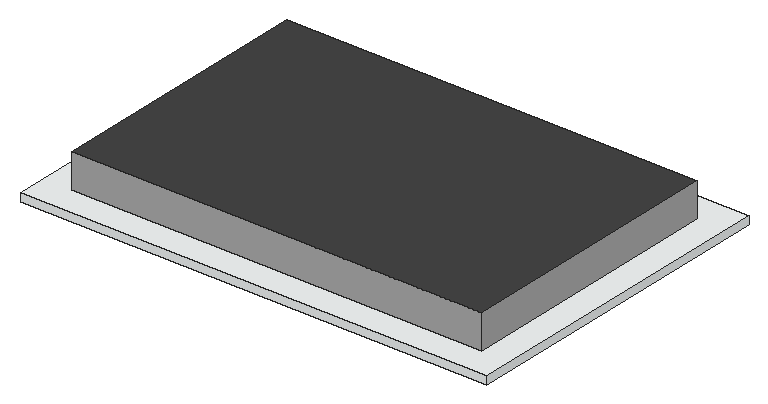
Revit family "1HVAC_Ductwork_Airzone_Return-Linear-Slat-Grille_RL00", category Air Terminals, Revit 2016
Family settings
  Part Type = Normal
  Round Connector Dimension = Use Diameter
  OmniClass Number = 23.75.70.21.27.11
  OmniClass Title = Diffusers, Registers, and Grilles
  Work Plane-Based = No
  Always vertical = Yes
  Cut with Voids When Loaded = No
  Shared = No
  Room Calculation Point = Yes
Parameters (values of type "INVALID TYPE - Use Load Family and Type Catalog instead")
  c8 = -0.6321  # constant formula
  c7 = 0.04636  # constant formula
  c6 = 24.84  # constant formula
  c5 = 22.8  # constant formula
  c4 = -102.7  # constant formula
  c3 = -23.59  # constant formula
  c2 = -2.04  # constant formula
  c1 = 0.000539  # constant formula
  Velocity [instance] = (Q / (36 * Ak)) * 1.0 m/s  # 1.4881 m/s
  URL = "www.airzone.es"
  Type Image Comments = "Image available in product documentation download"  # constant formula
  Type Comments = ""
  Throw Distance [instance] = round((c7 * (Ak ^ c8) * Q) * 1000) * 1 mm  # 3627 mm
  Sound Level in dBA [instance] = round((c3 + (c4 * log(Ak))) + ((c5 + (c6 * log(Ak))) * log(Q)))  # 4
  Revit Model Version = "1.0"  # constant formula
  Q [instance] = if(Duct Width > 1000 mm, (1000 mm / Duct Width) * Flow / 1 m³/h, Flow / 1 m³/h)  # 150
  Product Documentation Download URL = "http://doc.airzone.es/BIM/AirQ/Airzone_RL00_RL0V.zip"
  Product Comments = "Refer to technical documentation for further details"  # constant formula
  Product Code = "INVALID – Type not loaded via type catalog"
  Pressure Drop [instance] = ((c1 * (Ak ^ c2)) * (Q ^ 2)) * 1.0 Pa  # 1.48446 Pa
  Model = Product Code  # "INVALID – Type not loaded via type catalog"
  Min Flow = 150 m³/h
  Max Flow = 1500 m³/h
  Manufacturer = "AIRZONE"  # constant formula
  Main Material = Metal - AIRZONE - Extruded Aluminium - White (RAL 9010)
  Long Description = "Extruded aluminum supply grilles. 26-mm standard frame to enable the air flow supply. Horizontal slats fixed at 0º."  # constant formula
  Grille Right Offset = if(Open Right End, 0 mm, 10 mm)  # 10 mm
  Grille Material = Metal - AIRZONE - Grille 12.5 mm - White (RAL 9010)
  Grille Left Offset = if(Open Left End, 0 mm, 10 mm)  # 10 mm
  Flow [instance] = 150 m³/h
  Fixing = "Clip (K), mounting frame required. Screw (T), mounting frame required. Bolt (P), safety mechanical fixing"  # constant formula
  Finish = "White (RAL 9010)"
  Effective Area = Akn * 100.00 cm²  # 280.00 cm²
  Duct Width = 300 mm
  Duct Height = 200 mm
  Disclaimer = "All information provided in this model is reviewed before being published. However, Airzone cannot guarantee this model is error-free, therefore users are strongly encouraged to check for technical documentation and updates"  # constant formula
  Description = "Grille of linear slats fixed at 0º"  # constant formula
  Damper Length = 24.5 mm
  Compatible Accesories = "Mounting frame. Manual flow regulation. Plenum for grille (PREJ, FR-X2F). Grille deflector"  # constant formula
  Right Cap Offset = if(Open Right End, 0 mm, 16 mm)  # 16 mm
  Open Right End = no
  Left Cap Offset = if(Open Left End, 0 mm, 16 mm)  # 16 mm
  Open Left End = no
  Akn = 2.8
  Ak1000 = 10
  Ak = if(Duct Width > 1000 mm, Ak1000, Akn)  # 2.8
  Accessories Material = Metal - AIRZONE - Extruded Aluminium - Anodized (Matt Silver Color)
Reference planes
  plane 1 "Center (Front/Back)": y = 0
  plane 2: z = 0
  plane 3 "Center (Left/Right)": x = 0
  plane 4 "Left": x = -150
  plane 5 "Right": x = 150
  plane 6 "Front": y = -100
  plane 7 "Back": y = 100
  plane 8 "Right Offset": x = 166
  plane 9 "Left Offset": x = -166
  plane 10 "Fornt Offset": y = -116
  plane 11 "Back Offset": y = 116
Forms (mm)
  Extrusion 1, solid, material "Metal - AIRZONE - Extruded Aluminium - White (RAL 9010)" <- "Main Material", detail levels fine
    sketch origin (0, 0, 0) x (1, 0, 0) y (0, 1, 0)
      loop
        line (-166, 116) -> (-166, -116) -> (166, -116) -> (166, 116) -> (-166, 116)
    from 0 to -5.5
  Extrusion 2, solid, material "Metal - AIRZONE - Extruded Aluminium - Anodized (Matt Silver Color)" <- "Accessories Material"
    sketch origin (0, 0, 0) x (1, 0, 0) y (0, 1, 0)
      loop
        line (-145.7, 95.7) -> (-145.7, -95.7) -> (145.7, -95.7) -> (145.7, 95.7) -> (-145.7, 95.7)
    from 0 to 24.5 <- "Damper Length"
  Extrusion 3, solid, material "Metal - AIRZONE - Extruded Aluminium - White (RAL 9010)" <- "Main Material", detail levels coarse+medium
    sketch origin (0, 0, 0) x (1, 0, 0) y (0, 1, 0)
      loop
        line (-166, 116) -> (-166, -116) -> (166, -116) -> (166, 116) -> (-166, 116)
    from 0 to -5.5
  Extrusion 4, void
    sketch origin (0, 0, 0) x (1, 0, 0) y (0, 1, 0)
      loop
        line (166, 125) -> (166, -125) -> (175, -125) -> (175, 125) -> (166, 125)
    from -6 to 3
  Extrusion 5, void
    sketch origin (0, 0, 0) x (1, 0, 0) y (0, 1, 0)
      loop
        line (-175, 125) -> (-175, -125) -> (-166, -125) -> (-166, 125) -> (-175, 125)
    from -6 to 3
Cuts and joins
  Extrusion 4, Extrusion 5 cuts Extrusion 3
  Extrusion 4, Extrusion 5 cuts Extrusion 1
Lines and regions (mm)
  Split face 1
    outline origin (0, 0, -5.5) x (1, 0, 0) y (0, 1, 0)
      loop
        line (-140, -90) -> (140, -90) -> (140, 90) -> (-140, 90) -> (-140, -90)
  model lines, detail levels medium
    curve 1: line (-140, 90, -5.5) -> (140, 90, -5.5)
    curve 2: line (-140, -90, -5.5) -> (-140, 90, -5.5)
    curve 3: line (140, -90, -5.5) -> (-140, -90, -5.5)
    curve 4: line (140, 90, -5.5) -> (140, -90, -5.5)
  symbolic lines
    curve 5: line (-150, 100, 0) -> (150, 100, 0)
    curve 6: line (-150, -100, 0) -> (-150, 100, 0)
    curve 7: line (150, -100, 0) -> (-150, -100, 0)
    curve 8: line (150, 100, 0) -> (150, -100, 0)
    curve 9: line (-150, -100, 0) -> (150, 100, 0)
    curve 10: line (150, -100, 0) -> (-150, 100, 0)
  model lines, not visible, detail levels coarse
    curve 11: line (-166, 116, -5.5) -> (166, 116, -5.5)
    curve 12: line (-166, -116, -5.5) -> (-166, 116, -5.5)
    curve 13: line (166, -116, -5.5) -> (-166, -116, -5.5)
    curve 14: line (166, 116, -5.5) -> (166, -116, -5.5)
  model lines, detail levels coarse
    curve 15: line (-166, -116, -5.5) -> (166, 116, -5.5)
    curve 16: line (166, -116, -5.5) -> (-166, 116, -5.5)
Dimensions and locks
  equal spacing: plane 4 "Left", plane 3 "Center (Left/Right)", plane 5 "Right"
  equal spacing: plane 7 "Back", plane 1 "Center (Front/Back)", plane 6 "Front"
  "Duct Width": plane 4 "Left" to plane 5 "Right"
  "Duct Height": plane 7 "Back" to plane 6 "Front"
  locked: Extrusion 1 sketch curve to plane 4 "Left" at 16
  locked: plane 5 "Right" to Extrusion 1 sketch curve at 16
  locked: Extrusion 1 sketch curve to plane 7 "Back" at 16
  locked: plane 6 "Front" to Extrusion 1 sketch curve at 16
  "Grille Left Offset": plane 4 "Left" to Split face 1 sketch curve
  "Grille Right Offset": Split face 1 sketch curve to plane 5 "Right"
  locked: plane 7 "Back" to Split face 1 sketch curve at 10
  locked: Split face 1 sketch curve to plane 6 "Front" at 10
  locked: plane 4 "Left" to Extrusion 2 sketch curve at 4.3
  locked: Extrusion 2 sketch curve to plane 5 "Right" at 4.3
  locked: plane 7 "Back" to Extrusion 2 sketch curve at 4.3
  locked: Extrusion 2 sketch curve to plane 6 "Front" at 4.3
  locked: Extrusion 3 sketch curve to plane 4 "Left" at 16
  locked: plane 5 "Right" to Extrusion 3 sketch curve at 16
  locked: Extrusion 3 sketch curve to plane 7 "Back" at 16
  locked: plane 6 "Front" to Extrusion 3 sketch curve at 16
  "Grille Right Offset": curve 4 to plane 5 "Right"
  "Grille Left Offset": plane 4 "Left" to curve 2
  locked: plane 7 "Back" to curve 1 at 10
  locked: curve 3 to plane 6 "Front" at 10
  "Right Cap Offset": plane 5 "Right" to Extrusion 4 sketch curve
  locked: plane 5 "Right" to Extrusion 4 sketch curve at 25
  locked: Extrusion 4 sketch curve to plane 7 "Back" at 25
  locked: plane 6 "Front" to Extrusion 4 sketch curve at 25
  "Left Cap Offset": Extrusion 5 sketch curve to plane 4 "Left"
  locked: Extrusion 5 sketch curve to plane 4 "Left" at 25
  locked: Extrusion 5 sketch curve to plane 7 "Back" at 25
  locked: plane 6 "Front" to Extrusion 5 sketch curve at 25
  curve 4 to plane 5 "Right" = 10 mm
  plane 4 "Left" to curve 2 = 10 mm
  "Right Cap Offset": plane 5 "Right" to plane 8 "Right Offset"
  "Left Cap Offset": plane 9 "Left Offset" to plane 4 "Left"
  locked: plane 11 "Back Offset" to plane 7 "Back" at 16
  locked: plane 6 "Front" to plane 10 "Fornt Offset" at 16
  aligned and locked: level to plane 2
  aligned and locked: plane 4 "Left" to curve 6
  aligned and locked: curve 5 to plane 7 "Back"
  aligned and locked: curve 8 to plane 5 "Right"
  aligned and locked: plane 6 "Front" to curve 7
  aligned and locked: plane 10 "Fornt Offset" to curve 13
  aligned and locked: plane 11 "Back Offset" to curve 11
  aligned and locked: curve 14 to plane 8 "Right Offset"
  aligned and locked: plane 9 "Left Offset" to curve 12
Connectors
  hvac at (0, 0, 24.5), driven by "Pressure Drop", driven by "Flow", driven by "Duct Height", driven by "Duct Width"
    settings: on Extrusion 2, index 1, duct flow 150 m³/h, flow factor 0, pres drop 1.48446 Pa, loss coef 0, conn angle 0.00°, conn width 300 mm, conn height 200 mm, conn diameter 609.6 mm, duct sys type 2, conn prof type 1, flow config 1, flow direction 2, loss method 4, conn ref index -1, conn util no, is conn primary yes, conn desc "Return Air"
